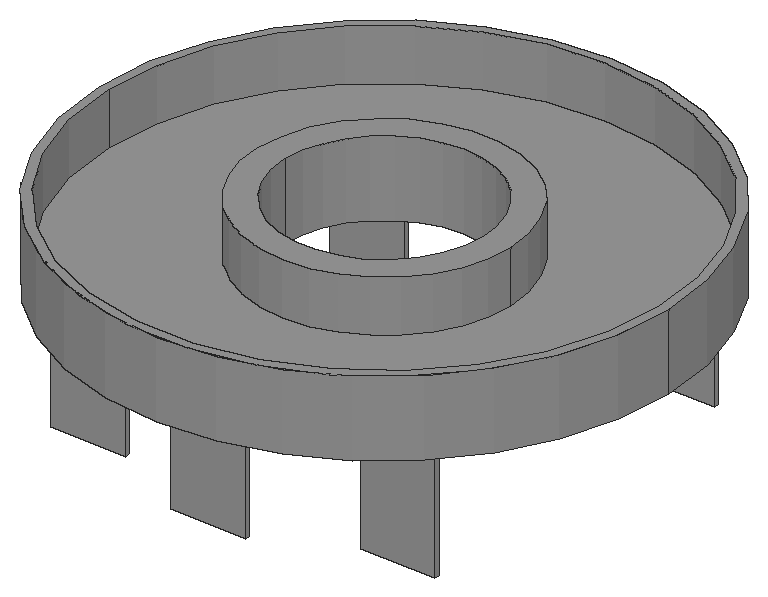
Revit family "Nivellierbare Kassette für Tubus, RKFRNUZD3, 20-25, 7", category Generic Models, Revit 2015
Parameters (values of type "RKFRN2UZD3R7VS25")
  URL = "http://www.obo-bettermann.com"
  Material = Stainless Steel
  Manufacturer Art.No. = "7409448"
  Manufacturer = "OBO Bettermann"
  Height 1 = 36.5 mm
  Height = 94 mm
  GTIN = "4012195869634"
  Diameter 1 = 265.6 mm
  Diameter = 274 mm
  Cut depth = 25 mm
  Article Type = "RKFRN2UZD3R7VS25"
Types (3, lengths in mm): name | Material | Manufacturer Art.No. | GTIN | Cut depth | Article Type
  (no name) | Stainless Steel | "7409448" | "4012195869634" | 25 | "RKFRN2UZD3R7VS25"
  RKFRN2UZD3R7VS20 | Stainless Steel, Polished | "7409446" | "4012195869627" | 20 | "RKFRN2UZD3R7VS20"
  RKFRN2UZD3R7VS25 | Stainless Steel | "7409448" | "4012195869634" | 25 | "RKFRN2UZD3R7VS25"
Reference planes
  plane 1 "Center (Front/Back)": y = 0
  plane 2: z = 0
  plane 3 "Center (Left/Right)": x = 0
  plane 4: z = 57.5
  plane 5: y = 99.5
  plane 6: y = -99.5
  plane 7: z = 94
  plane 8: z = 69
Forms (mm)
  Extrusion 1, solid, material "Stainless Steel" <- "Material"
    sketch origin (0, 0, 0) x (1, 0, 0) y (0, 1, 0)
      loop
        line (56.5, 85) -> (56.5, 83) -> (92.5, 83) -> (92.5, 85) -> (56.5, 85)
      loop
        line (-92.5, 85) -> (-92.5, 83) -> (-56.5, 83) -> (-56.5, 85) -> (-92.5, 85)
      loop
        line (-18, 106) -> (-18, 104) -> (18, 104) -> (18, 106) -> (-18, 106)
      loop
        line (56.5, -83) -> (56.5, -85) -> (92.5, -85) -> (92.5, -83) -> (56.5, -83)
      loop
        line (-92.5, -83) -> (-92.5, -85) -> (-56.5, -85) -> (-56.5, -83) -> (-92.5, -83)
      loop
        line (-18, -104) -> (-18, -106) -> (18, -106) -> (18, -104) -> (-18, -104)
    from 0 to 57.5
  Extrusion 2, solid, material "Stainless Steel" <- "Material"
    sketch origin (0, 0, 0) x (1, 0, 0) y (0, 1, 0)
      loop
        circle (0, 0) r 137
    from 57.5 to 94
  Extrusion 3, void
    sketch origin (0, 0, 0) x (1, 0, 0) y (0, 1, 0)
      loop
        circle (0, 0) r 132.8
      loop
        circle (0, 0) r 61
    from 69 to 94
  Extrusion 4, void
    sketch origin (0, 0, 0) x (1, 0, 0) y (0, 1, 0)
      loop
        circle (0, 0) r 47.77
    from 57.5 to 94
Cuts and joins
  Extrusion 3 cuts Extrusion 1
  Extrusion 3, Extrusion 4 cuts Extrusion 2
Dimensions and locks
  "Height 1": plane 7 to plane 4
  "Cut depth": plane 7 to plane 8
  locked: plane 5 to plane 6 at 199
  equal spacing: plane 5, plane 1 "Center (Front/Back)", plane 6, locked at 99.5 each
  locked: Extrusion 1 sketch curve to Extrusion 1 sketch curve at 36  (x6)
  locked: Extrusion 1 sketch curve to Extrusion 1 sketch curve at 2  (x6)
  locked: Extrusion 1 sketch curve to Extrusion 1 sketch curve at 113  (x2)
  equal spacing: Extrusion 1 sketch curve, plane 3 "Center (Left/Right)", Extrusion 1 sketch curve, locked at 56.5 each  (x2)
  locked: Extrusion 1 sketch curve to plane 1 "Center (Front/Back)" at 83  (x2)
  equal spacing: Extrusion 1 sketch curve, plane 3 "Center (Left/Right)", Extrusion 1 sketch curve, locked at 18 each  (x2)
  locked: plane 1 "Center (Front/Back)" to Extrusion 1 sketch curve at 104
  locked: Extrusion 1 sketch curve to plane 1 "Center (Front/Back)" at 104
  Extrusion 1 to plane 3 "Center (Left/Right)" = 56.5 mm
  "Height": plane 7 to level
  "Diameter": diameter of Extrusion 2 sketch curve
  "Diameter 1": diameter of Extrusion 3 sketch curve
  diameter of Extrusion 3 sketch curve = 122 mm
  diameter of Extrusion 4 sketch curve = 95.54 mm
  aligned and locked: level to plane 2
  aligned and locked: plane 7 to Extrusion 2
  aligned and locked: cut or joined group of Extrusion 2, Extrusion 3, Extrusion 4 to Extrusion 3
  aligned and locked: Extrusion 3 to plane 8
  aligned and locked: Extrusion 1 sketch curve to Extrusion 1 sketch curve  (x2)
  aligned and locked: Extrusion 2 to Extrusion 4  (x2)
  aligned and locked: Extrusion 1 to level
  aligned and locked: plane 4 to Extrusion 1
  aligned and locked: Extrusion 2 to plane 4
Automatic sketch dimensions
  plane 1 "Center (Front/Back)" to Extrusion 2 sketch curve = 0 mm
  Extrusion 2 sketch curve to plane 3 "Center (Left/Right)" = 0 mm
  Extrusion 3 sketch curve to Extrusion 3 sketch curve = 0 mm  (x2)
  plane 1 "Center (Front/Back)" to Extrusion 3 sketch curve = 0 mm
  Extrusion 3 sketch curve to plane 3 "Center (Left/Right)" = 0 mm
  plane 1 "Center (Front/Back)" to Extrusion 4 sketch curve = 0 mm
  Extrusion 4 sketch curve to plane 3 "Center (Left/Right)" = 0 mm
